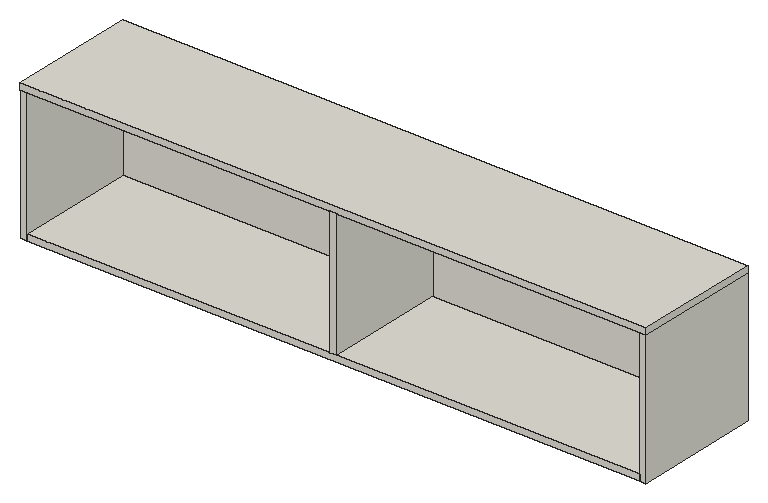
Revit family "Haworth_BeHold_OverheadStorage_Open_SingleSided", category Furniture Systems, Revit 2018
Family settings
  Round Connector Dimension = Use Diameter
  Part Type = Normal
  OmniClass Number = 23.40.70.14.64.21
  OmniClass Title = Systems Furniture
  Work Plane-Based = No
  Always vertical = Yes
  Cut with Voids When Loaded = No
  Shared = No
  Room Calculation Point = No
Parameters (values of type "16h 72w")
  Width = 72.00"
  Warranty = "http://www.haworth.com/resources/product-info/warranties"
  URL - Product = "https://www.haworth.com/products/storage/cabinets-towers/be_hold"
  URL = "www.haworth.com"
  TFL Divider = not(or(Width = 24.00", Width = 30.00", Width = 36.00"))  # yes
  Sustainability Info = "https://www.haworth.com/company-info/sustainability"
  Standard Widths = "24, 30, 36, 42, 48, 54, 60, 66, 72in"  # constant formula
  Small = not(Large)  # no
  Size = "Verify Final Dim. w/ Haworth"  # constant formula
  Revision Number = "1"  # constant formula
  Mounting Height = 22.00"
  Model = "Haworth Be_Hold"  # constant formula
  Min. Width = 24.00"  # constant formula
  Min. Height = 8.00"  # constant formula
  Max. Width = 72.00"  # constant formula
  Max. Height = 16.00"  # constant formula
  Manufacturer = "Haworth"  # constant formula
  Large = yes
  Description = "Haworth - Be_Hold - Overhead Storage Unit - Open - Single Sided - 16h 72w"
  Custom Size = not(or(Width = 24.00", Width = 30.00", Width = 36.00", Width = 42.00", Width = 48.00", Width = 54.00", Width = 60.00", Width = 66.00", Width = 72.00"))  # no
  Cabinet Finish = Haworth _ Laminate _ Beige H-34
  Back Finish = Haworth _ Laminate _ Beige H-34
  Author = "Haworth (Abd Rahman)"  # constant formula
  Assembly Code = "E2020200"
  Actual Width = if(Width < Min. Width, Min. Width, if(Width > Max. Width, Max. Width, Width))  # 72.00"
  Actual Height = if(Small, 8.00", 16.00")  # 16.00"
  Actual Depth = 14.70"  # constant formula
Types (4): name | Width | TFL Divider | Small | Large | Description | Actual Width | Actual Height
  16h 24w | 24.00" | no | no | yes | "Haworth - Be_Hold - Overhead Storage Unit - Open - Single Sided - 16h 24w" | 24.00" | 16.00"
  16h 72w | 72.00" | yes | no | yes | "Haworth - Be_Hold - Overhead Storage Unit - Open - Single Sided - 16h 72w" | 72.00" | 16.00"
  8h 24w | 24.00" | no | yes | no | "Haworth - Be_Hold - Overhead Storage Unit - Open - Single Sided - 8h 24w" | 24.00" | 8.00"
  8h 72w | 72.00" | yes | yes | no | "Haworth - Be_Hold - Overhead Storage Unit - Open - Single Sided - 8h 72w" | 72.00" | 8.00"
Reference planes (in)
  plane 1: z = 22
  plane 2 "Center L/R": x = -6.17556
  plane 3 "Center F/B": y = -11.5
  plane 4 "Top": z = 38
  plane 5 "Back": y = -4.15
  plane 6 "Front": y = -18.85
  plane 7 "Right": x = 29.82444
  plane 8 "Left": x = -42.17556
  plane 9: z = 37.28409
  plane 10: y = -5.01688
  plane 11: x = 29.07444
  plane 12: x = -41.42556
  plane 13: z = 22.71591
  plane 14: y = -4.33908
  plane 15: x = -6.51865
  plane 16: x = -5.76274
Forms (in)
  Extrusion 1, solid, material "Haworth _ Laminate _ Beige H-34" <- "Cabinet Finish"
    sketch origin (0, 0, 0) x (1, 0, 0) y (0, 1, 0)
      loop
        line (-42.17556, -4.15) -> (-42.17556, -18.85) -> (29.82444, -18.85) -> (29.82444, -4.15) -> (-42.17556, -4.15)
    from 37.28409 to 38
  Extrusion 2, solid, material "Haworth _ Laminate _ Beige H-34" <- "Back Finish"
    sketch origin (0, 2.625, 0) x (1, 0, 0) y (0, 1, 0)
      loop
        line (-41.42556, -6.96408) -> (-41.42556, -7.64188) -> (29.07444, -7.64188) -> (29.07444, -6.96408) -> (-41.42556, -6.96408)
    from 22.71591 to 37.28409
  Extrusion 3, solid, material "Haworth _ Laminate _ Beige H-34" <- "Cabinet Finish"
    sketch origin (0, 0, 0) x (1, 0, 0) y (0, 1, 0)
      loop
        line (29.07444, -4.15) -> (29.07444, -18.85) -> (29.82444, -18.85) -> (29.82444, -4.15) -> (29.07444, -4.15)
    from 22 to 37.28409
  Extrusion 4, solid, material "Haworth _ Laminate _ Beige H-34" <- "Cabinet Finish"
    sketch origin (0, 0, 0) x (1, 0, 0) y (0, 1, 0)
      loop
        line (-42.17556, -4.15) -> (-42.17556, -18.85) -> (-41.42556, -18.85) -> (-41.42556, -4.15) -> (-42.17556, -4.15)
    from 22 to 37.28409
  Extrusion 5, solid, material "Haworth _ Laminate _ Beige H-34" <- "Cabinet Finish"
    sketch origin (0, 0, -15.28409) x (1, 0, 0) y (0, 1, 0)
      loop
        line (-41.42556, -4.15) -> (-41.42556, -18.85) -> (29.07444, -18.85) -> (29.07444, -4.15) -> (-41.42556, -4.15)
    from 37.28409 to 38
  Extrusion 6, solid, material "Haworth _ Laminate _ Beige H-34" <- "Cabinet Finish", visible <- "TFL Divider"
    sketch origin (0, 0, 0) x (1, 0, 0) y (0, 1, 0)
      loop
        line (-6.51865, -5.01688) -> (-6.51865, -18.85) -> (-5.76274, -18.85) -> (-5.76274, -5.01688) -> (-6.51865, -5.01688)
    from 22.71591 to 37.28409
Lines and regions (in)
  Masking region 1
    outline origin (0, 0, 0) x (1, 0, 0) y (0, 1, 0)
      loop
        line (-42.17556, -4.15) -> (-42.17556, -18.85) -> (29.82444, -18.85) -> (29.82444, -4.15) -> (-42.17556, -4.15)
  symbolic lines, style "Haworth", detail levels fine
    curve 1: line (-41.42556, -4.15, 0) -> (-41.42556, -18.85, 0)
    curve 2: line (29.07444, -4.15, 0) -> (29.07444, -18.85, 0)
    curve 3: line (29.07444, -5.01688, 0) -> (-41.42556, -5.01688, 0)
    curve 4: line (29.07444, -4.33908, 0) -> (29.07444, -5.01688, 0)
    curve 5: line (-41.42556, -4.33908, 0) -> (29.07444, -4.33908, 0)
    curve 6: line (-41.42556, -5.01688, 0) -> (-41.42556, -4.33908, 0)
    curve 7: line (-5.76274, -5.01688, 0) -> (-5.76274, -18.85, 0)
    curve 8: line (-6.51865, -5.01688, 0) -> (-6.51865, -18.85, 0)
Dimensions and locks (in)
  equal spacing: plane 8 "Left", plane 2 "Center L/R", plane 7 "Right"
  "Actual Width": plane 8 "Left" to plane 7 "Right"
  equal spacing: plane 5 "Back", plane 3 "Center F/B", plane 6 "Front"
  "Actual Depth": plane 5 "Back" to plane 6 "Front"
  plane 11 to plane 7 "Right" = 0.75"
  plane 8 "Left" to plane 12 = 0.75"
  locked: plane 4 "Top" to plane 9 at 0.71591
  plane 14 to plane 10 = 0.6778"
  "Actual Height": plane 4 "Top" to plane 1
  locked: plane 13 to plane 1 at 0.71591
  "Mounting Height": plane 1 to level
  aligned and locked: plane 7 "Right" to Extrusion 1
  aligned and locked: plane 5 "Back" to Extrusion 1
  aligned and locked: Extrusion 1 to plane 8 "Left"
  aligned and locked: Extrusion 1 to plane 6 "Front"
  aligned and locked: plane 4 "Top" to Extrusion 1
  aligned and locked: Extrusion 1 to plane 9
  aligned and locked: Extrusion 3 sketch curve to plane 5 "Back"
  aligned and locked: Extrusion 3 sketch curve to Extrusion 1  (x2)
  aligned and locked: Extrusion 4 sketch curve to Extrusion 1  (x2)
  aligned and locked: plane 6 "Front" to Extrusion 4 sketch curve
  aligned and locked: Extrusion 4 to plane 12
  aligned and locked: Extrusion 3 sketch curve to plane 11
  aligned and locked: plane 11 to Extrusion 2 sketch curve
  aligned and locked: Extrusion 3 to plane 1
  aligned and locked: Extrusion 4 to plane 1
  aligned and locked: Extrusion 2 to plane 9
  aligned and locked: Extrusion 3 to plane 9
  aligned and locked: plane 9 to Extrusion 4
  aligned and locked: Extrusion 2 sketch curve to plane 12
  aligned and locked: plane 13 to Extrusion 5
  aligned and locked: plane 14 to Extrusion 2
  aligned and locked: Extrusion 2 to plane 10
  aligned and locked: plane 16 to Extrusion 6 sketch curve
  aligned and locked: Extrusion 6 sketch curve to plane 15
  aligned and locked: plane 6 "Front" to Extrusion 6 sketch curve
  aligned and locked: plane 10 to Extrusion 6 sketch curve
  aligned and locked: Extrusion 6 to plane 9
  aligned and locked: Extrusion 6 to plane 13
  aligned and locked: plane 7 "Right" to Masking region 1
  aligned and locked: plane 5 "Back" to Masking region 1
  aligned and locked: Masking region 1 to plane 6 "Front"
  aligned and locked: Masking region 1 to plane 8 "Left"
  aligned and locked: plane 12 to Extrusion 5
  aligned and locked: Extrusion 5 to plane 11
  aligned and locked: Extrusion 2 to plane 13
  aligned and locked: plane 6 "Front" to curve 1
  aligned and locked: plane 5 "Back" to curve 1
  aligned and locked: plane 12 to curve 1
  aligned and locked: plane 6 "Front" to curve 2
  aligned and locked: plane 5 "Back" to curve 2
  aligned and locked: plane 11 to curve 2
  aligned and locked: curve 5 to plane 14
  aligned and locked: plane 11 to curve 4
  aligned and locked: curve 3 to plane 10
  aligned and locked: curve 6 to plane 12
  aligned and locked: plane 10 to curve 7
  aligned and locked: plane 6 "Front" to curve 7
  aligned and locked: plane 16 to curve 7
  aligned and locked: plane 15 to curve 8
  aligned and locked: plane 6 "Front" to curve 8
  aligned and locked: Extrusion 5 to plane 1
Automatic sketch dimensions
  Extrusion 1 sketch curve to plane 6 "Front" = 0.00"
  Extrusion 1 sketch curve to plane 8 "Left" = 0.00"
  Extrusion 1 sketch curve to plane 7 "Right" = 0.00"
  Extrusion 1 sketch curve to plane 5 "Back" = 0.00"
  Extrusion 2 sketch curve to plane 10 = 0.00"
  Extrusion 2 sketch curve to plane 14 = 0.00"
  Extrusion 4 sketch curve to plane 12 = 0.00"
  Extrusion 5 sketch curve to plane 6 "Front" = 0.00"
  Extrusion 5 sketch curve to plane 12 = 0.00"
  Extrusion 5 sketch curve to plane 11 = 0.00"
  Extrusion 5 sketch curve to plane 5 "Back" = 0.00"
  Masking region 1 sketch curve to plane 6 "Front" = 0.00"
  Masking region 1 sketch curve to plane 8 "Left" = 0.00"
  Masking region 1 sketch curve to plane 7 "Right" = 0.00"
  Masking region 1 sketch curve to plane 5 "Back" = 0.00"
